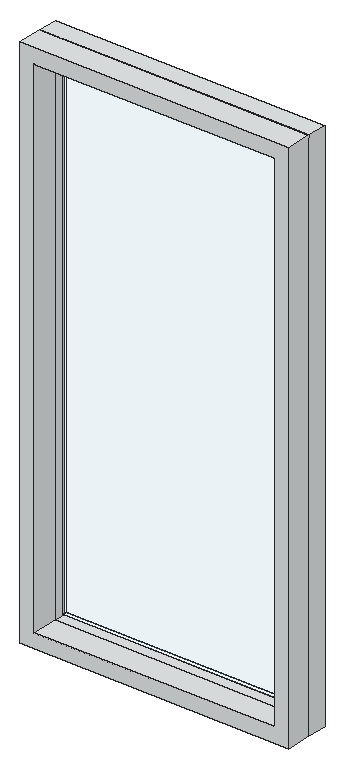
Revit family "CT_Janela_Int_DEG", category Windows, host Wall, Revit 2025
Family settings
  Host = Wall
  OmniClass Number = 23.30.20.17.21.14
  OmniClass Title = Casement Windows
  Always vertical = Yes
  Cut with Voids When Loaded = No
  Shared = No
  Room Calculation Point = Yes
Parameters (values of type "JAN_060x120_INT_DEG_1PA")
  Material_Esquadria = CT_Esquadrias_Aluminio
  Material Painel = CT_Vidros
  Height = 1200.00 mm
  Define Thermal Properties by = Schematic Type
  Default Sill Height = Altura_Verga - Height  # 900.00 mm
  Trim Projection - Ext. = 12.50 mm
  Trim Projection - Int. = 12.50 mm
  Trim Width - Exterior = 50.00 mm
  Trim Width - Interior = 50.00 mm
  Wall Closure = By host
  Width = 600.00 mm
  Window Inset = 25.00 mm
  Analytic Construction = "<None>"
  Altura_Verga = 2100.00 mm
Types (4, lengths in mm): name | Height | Default Sill Height | Trim Projection - Ext. | Trim Projection - Int. | Trim Width - Exterior | Trim Width - Interior | Width | Window Inset
  JAN_200x060_INT_DEG_1PA | 600.00 | 1500.00 | 12.50 | 12.50 | 50.00 | 50.00 | 2000.00 | 25.00
  JAN_120x120_INT_DEG_1PA | 1200.00 | 900.00 | 12.50 | 12.50 | 50.00 | 50.00 | 1200.00 | 25.00
  JAN_060x120_INT_DEG_1PA | 1200.00 | 900.00 | 12.50 | 12.50 | 50.00 | 50.00 | 600.00 | 25.00
  JAN_080x080_INT_DEG_1PA | 800.00 | 1300.00 | 10.00 | 10.00 | 10.00 | 10.00 | 800.00 | 10.00
Reference planes
  plane 1: y = 0
  plane 2: z = 0
  plane 3 "Center": x = 0
  plane 4 "Left": x = -300
  plane 5 "Right": x = 300
  plane 6 "Sill": z = 900
  plane 7 "Top": z = 2100
  plane 8: y = 50
  plane 9: y = -50
  plane 10: y = 25
  plane 11 "Top": z = 1500
  plane 12: x = -280.95
  plane 13: x = -268.25
  plane 14: x = -330.95
  plane 15: x = -318.25
  plane 16: x = 268.25
  plane 17: x = 280.95
  plane 18: x = 318.25
  plane 19: x = 330.95
  plane 20: z = 2130.95
  plane 21: z = 2118.25
  plane 22: z = 2080.95
  plane 23: z = 2068.25
  plane 24: z = 931.75
  plane 25: z = 881.75
  plane 26 "Closure": y = 2.425
Forms (mm)
  Extrusion 1, solid, material "CT_Esquadrias_Aluminio" <- "Material_Esquadria"
    sketch origin (0, 0, 0) x (1, 0, 0) y (0, 0, 1)
      loop
        line (-300, 2100) -> (-300, 900) -> (300, 900) -> (300, 2100) -> (-300, 2100)
      loop
        line (-280.95, 2080.95) -> (-280.95, 919.05) -> (280.95, 919.05) -> (280.95, 2080.95) -> (-280.95, 2080.95)
    from -50 to -6.75
  Extrusion 2, solid, material "CT_Esquadrias_Aluminio" <- "Material_Esquadria"
    sketch origin (0, 0, 0) x (-1, 0, 0) y (0, 0, 1)
      loop
        line (-300, 2100) -> (-300, 900) -> (300, 900) -> (300, 2100) -> (-300, 2100)
      loop
        line (-268.25, 2068.25) -> (-268.25, 931.75) -> (268.25, 931.75) -> (268.25, 2068.25) -> (-268.25, 2068.25)
    from 6.75 to -50
  Extrusion 3, solid, material "CT_Vidros" <- "Material Painel"
    sketch origin (-124.971, -78.7, -117.036) x (1, 0, 0) y (0, 0, 1)
      loop
        line (-143.279, 2185.286) -> (-143.279, 1048.786) -> (393.221, 1048.786) -> (393.221, 2185.286) -> (-143.279, 2185.286)
    from -118.585 to -107.675
Lines and regions (mm)
  Opening 1
    outline origin (-1524, -50, 0) x (1, 0, 0) y (0, 0, 1)
      loop
        line (1224, 2100) -> (1224, 900) -> (1824, 900) -> (1824, 2100) -> (1224, 2100)
  symbolic lines, style "WindowsFrameMullionProjection"
    curve 1: line (-300, 50, 0) -> (-280.95, 50, 0)
    curve 2: line (-280.95, 6.75, 0) -> (-280.95, 50, 0)
    curve 3: line (-280.95, 6.75, 0) -> (-268.25, 6.75, 0)
    curve 4: line (-268.25, -50, 0) -> (-268.25, 6.75, 0)
    curve 5: line (300, 50, 0) -> (280.95, 50, 0)
    curve 6: line (268.25, 6.75, 0) -> (268.25, -50, 0)
    curve 7: line (268.25, 6.75, 0) -> (280.95, 6.75, 0)
    curve 8: line (280.95, 6.75, 0) -> (280.95, 50, 0)
    curve 9: line (-280.95, 25, 0) -> (-236.5, 25, 0)
    curve 10: line (-280.95, 25, 0) -> (-280.95, 6.75, 0)
    curve 11: line (-280.95, 6.75, 0) -> (-236.5, 6.75, 0)
    curve 12: line (-236.5, 25, 0) -> (-236.5, 6.75, 0)
    curve 13: line (280.95, 25, 0) -> (236.5, 25, 0)
    curve 14: line (280.95, 25, 0) -> (280.95, 6.75, 0)
    curve 15: line (280.95, 6.75, 0) -> (236.5, 6.75, 0)
    curve 16: line (236.5, 25, 0) -> (236.5, 6.75, 0)
    curve 18: line (-268.25, -50, 0) -> (-300, -50, 0)
    curve 19: line (268.25, -50, 0) -> (300, -50, 0)
  symbolic lines, style "WindowsGlassProjection"
    curve 17: line (-236.5, 28.975, 0) -> (236.5, 28.975, 0)
Text (mm)
  text "EXTERIOR" at (-1437.207, 772.553, 0), in view "Floor Line"
  text "INTERIOR" at (-1490.695, -608.643, 0), in view "Floor Line"
  text "Exterior" at (0, 1108.87, 3415.022), in view "Left"
  text "Exterior" at (0, 464.664, 3176.206), in view "Right"
Dimensions and locks
  equal spacing: plane 4 "Left", plane 3 "Center", plane 5 "Right"
  "Width": plane 4 "Left" to plane 5 "Right"
  plane 2 to plane 25 to plane 6 "Sill" to plane 11 "Top" to plane 7 "Top" = 881.75 mm, 18.25 mm, 600.00 mm, 600.00 mm
  "Window Inset": plane 8 to plane 10
  Extrusion 3 to plane 10 = 14.885 mm
  Extrusion 3 to Extrusion 3 = 10.91 mm
  equal spacing: plane 6 "Sill", plane 11 "Top", plane 7 "Top"
  locked: plane 4 "Left" to plane 13 at 31.75
  locked: plane 16 to plane 5 "Right" at 31.75
  locked: plane 4 "Left" to plane 12 at 19.05
  locked: plane 17 to plane 5 "Right" at 19.05
  locked: plane 22 to plane 7 "Top" at 19.05
  "Trim Width - Exterior": plane 22 to plane 20
  "Trim Width - Exterior": plane 17 to plane 19
  "Trim Width - Exterior": plane 14 to plane 12
  locked: plane 7 "Top" to plane 23 at 31.75
  locked: plane 24 to plane 6 "Sill" at 31.75
  "Trim Width - Interior": plane 21 to plane 23
  "Trim Width - Interior": plane 24 to plane 25
  "Trim Width - Interior": plane 15 to plane 13
  "Trim Width - Interior": plane 16 to plane 18
  "Height": plane 7 "Top" to plane 6 "Sill"
  "Default Sill Height": plane 6 "Sill" to plane 2
  locked: plane 8 to plane 26 "Closure" at 47.575
  "Altura_Verga": plane 7 "Top" to level
  aligned and locked: plane 7 "Top" to Opening 1 sketch curve
  aligned and locked: plane 6 "Sill" to Opening 1 sketch curve  (x2)
  aligned and locked: plane 5 "Right" to Opening 1 sketch curve
  aligned and locked: plane 4 "Left" to Opening 1 sketch curve
  aligned and locked: plane 9 to host wall
  aligned and locked: host wall to Extrusion 2
  aligned and locked: plane 8 to host wall
  aligned and locked: host wall to Extrusion 1
  aligned and locked: Extrusion 2 to Extrusion 1
  aligned and locked: curve 5 to Extrusion 1  (x2)
  aligned and locked: Extrusion 1 to curve 11
  aligned and locked: Extrusion 1 to curve 7
  aligned and locked: Extrusion 3 to Extrusion 2
  aligned and locked: Extrusion 2 to Extrusion 3  (x3)
  aligned and locked: Extrusion 3 to curve 17
Automatic sketch dimensions
  Extrusion 1 sketch curve to plane 4 "Left" = 0.00 mm
  Extrusion 1 sketch curve to plane 5 "Right" = 0.00 mm
  Extrusion 1 sketch curve to plane 4 "Left" = 19.05 mm
  plane 5 "Right" to Extrusion 1 sketch curve = 19.05 mm
  Extrusion 1 sketch curve to plane 6 "Sill" = 0.00 mm
  Extrusion 1 sketch curve to plane 7 "Top" = 0.00 mm
  Extrusion 1 sketch curve to plane 6 "Sill" = 19.05 mm
  plane 7 "Top" to Extrusion 1 sketch curve = 19.05 mm
  Extrusion 2 sketch curve to plane 5 "Right" = 0.00 mm
  Extrusion 2 sketch curve to plane 4 "Left" = 0.00 mm
  plane 5 "Right" to Extrusion 2 sketch curve = 31.75 mm
  Extrusion 2 sketch curve to plane 4 "Left" = 31.75 mm
  Extrusion 2 sketch curve to plane 6 "Sill" = 0.00 mm
  Extrusion 2 sketch curve to plane 7 "Top" = 0.00 mm
  Extrusion 2 sketch curve to plane 6 "Sill" = 31.75 mm
  plane 7 "Top" to Extrusion 2 sketch curve = 31.75 mm
  curve 18 to plane 4 "Left" = 0.00 mm
  curve 1 to plane 4 "Left" = 0.00 mm
  curve 2 to plane 8 = 0.00 mm
  curve 10 to plane 10 = 0.00 mm
  curve 13 to plane 10 = 0.00 mm
  curve 19 to plane 5 "Right" = 0.00 mm
  curve 2 to plane 4 "Left" = 19.05 mm
  curve 9 to curve 12 = 44.45 mm
  plane 5 "Right" to curve 13 = 19.05 mm
  curve 19 to plane 9 = 0.00 mm
  curve 4 to plane 9 = 0.00 mm
  plane 16 to curve 13 = 31.75 mm
  Extrusion 3 sketch curve to plane 13 = 0.00 mm
  plane 16 to Extrusion 3 sketch curve = 0.00 mm
  Extrusion 3 sketch curve to plane 24 = 0.00 mm
  plane 23 to Extrusion 3 sketch curve = 0.00 mm
  curve 3 to plane 13 = 0.00 mm
  curve 7 to plane 16 = 0.00 mm
